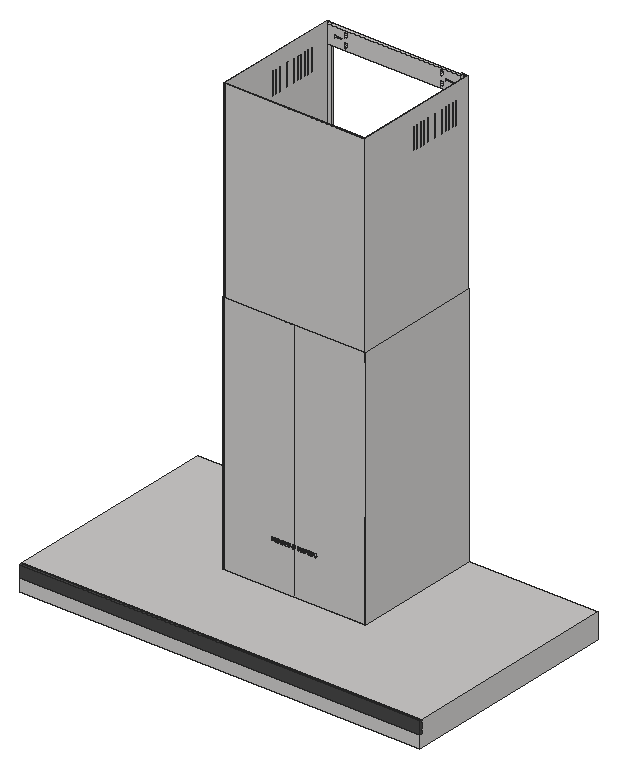
Revit family "FP_Revit_18_HC90DCXB1_Rangehood_90001851A", category Specialty Equipment, Revit 2018
Family settings
  Round Connector Dimension = Use Diameter
  Part Type = Normal
  OmniClass Number = 23.40.40.00
  OmniClass Title = Food Service Equipment and Furnishings
  Work Plane-Based = No
  Always vertical = Yes
  Cut with Voids When Loaded = Yes
  Shared = No
  Room Calculation Point = No
Parameters
  Visibility - Upper Chimney Extension [instance] = yes
  URL = "www.fisherpaykel.com"
  Product - Width = 899 mm  # constant formula
  Product - Height (595mm - 1035mm) [instance] = 1035 mm
  Product - Depth = 500 mm  # constant formula
  Model = "HC90DCXB1"
  Material - Display Panel = Fisher & Paykel - Black
  Material - Body = Fisher & Paykel - Stainless Steel
  Manufacturer = "Fisher & Paykel Appliances"
  FFL Offset [instance] = 1565 mm
  Description = "90cm Rangehood"
  Connector Description - Extraction = "150mm Semi Rigid Rangehood Ducting, 800m³/hr"
  Connector Description - Electrical = "220-240 V, 50 Hz, 370 W"
  Chassis - Width = 320 mm  # constant formula
  Chassis - Height = 604 mm  # constant formula
  Chassis - Depth = 291 mm  # constant formula
Reference planes
  plane 1 "Datum": y = 0
  plane 2: z = 0
  plane 3 "Center (Left/Right)": x = 0
  plane 4 "Product - Height": z = 2600
  plane 5 "Product LHS": x = -449.5
  plane 6 "Product RHS": x = 449.5
  plane 7 "Product - Depth": y = -500
  plane 8 "Cavity LHS": x = -160
  plane 9 "Cavity RHS": x = 160
  plane 10 "Chassis - Depth": y = -291
  plane 11 "FFL Offset": z = 1565
Forms (mm)
  Extrusion 1, solid, material "Fisher & Paykel - Stainless Steel" <- "Material - Body"
    sketch origin (0, 0, 0) x (1, 0, 0) y (0, 1, 0)
      loop
        line (-145, 0) -> (-160, 0) -> (-160, -291) -> (0, -291) -> (160, -291) -> (160, 0) -> (145, 0) -> (145, -1) -> (159, -1) -> (159, -290) -> (-159, -290) -> (-159, -1) -> (-145, -1) -> (-145, 0)
    from 1620 to 2169
  Extrusion 2, solid, material "Fisher & Paykel - Stainless Steel" <- "Material - Body", visible <- "Visibility - Upper Chimney Extension"
    sketch origin (0, 0, 0) x (1, 0, 0) y (0, 1, 0)
      loop
        line (-158, -3) -> (-145, -3) -> (-145, -2) -> (-159, -2) -> (-159, -290) -> (159, -290) -> (159, -2) -> (145, -2) -> (145, -3) -> (158, -3) -> (158, -289.044) -> (-158, -289.044) -> (-158, -3)
    from 2149 to 2600
  Extrusion 3, solid, material "Fisher & Paykel - Stainless Steel" <- "Material - Body"
    sketch origin (0, 0, 0) x (1, 0, 0) y (0, 1, 0)
      loop
        line (-449.5, 0) -> (-449.5, -500) -> (449.5, -500) -> (449.5, 0) -> (-449.5, 0)
    from 1565 to 1620
  Extrusion 4, void
    sketch origin (0, 0, 0) x (0, 1, 0) y (0, 0, 1)
      loop
        line (-500, 1620) -> (-500, 1592.5) -> (-495, 1592.5) -> (-495, 1620) -> (-500, 1620)
    from -449.5 to 449.5
  Extrusion 5, solid, material "Fisher & Paykel - Black" <- "Material - Display Panel", detail levels medium+fine
    sketch origin (0, 0, 1000) x (0, 1, 0) y (0, 0, 1)
      loop
        line (-495, 592.5) -> (-495, 620) -> (-500, 620) -> (-500, 592.5) -> (-495, 592.5)
    from -449.5 to 449.5
  Extrusion 6, solid, material "Fisher & Paykel - Stainless Steel" <- "Material - Body"
    sketch origin (0, 0, 0) x (1, 0, 0) y (0, 1, 0)
      loop
        line (159, -1) -> (-159, -1) -> (-159, -290) -> (159, -290) -> (159, -1)
    from 1620 to 1838
  Extrusion 7, solid, material "Fisher & Paykel - Stainless Steel" <- "Material - Body"
    sketch origin (0, 0, 0) x (1, 0, 0) y (0, 1, 0)
      loop
        circle (0, -105) r 75
      loop
        circle (0, -105) r 73
    from 1838 to 1970.269
  Extrusion 8, solid, material "Fisher & Paykel - Stainless Steel" <- "Material - Body"
    sketch origin (0, 0, 0) x (1, 0, 0) y (0, 0, 1)
      loop
        line (-145, 1860) -> (-145, 1838) -> (145, 1838) -> (145, 1860) -> (-145, 1860)
      loop
        line (-127.5, 1851) -> (-127.5, 1849.33)
        arc (-127.5, 1849.33) -> (-125, 1840) -> (-122.5, 1849.33) r 5
        line (-122.5, 1849.33) -> (-122.5, 1851)
        arc (-122.5, 1851) -> (-125, 1853.5) -> (-127.5, 1851) r 2.5
      loop
        line (122.5, 1851) -> (122.5, 1849.33)
        arc (122.5, 1849.33) -> (125, 1840) -> (127.5, 1849.33) r 5
        line (127.5, 1849.33) -> (127.5, 1851)
        arc (127.5, 1851) -> (125, 1853.5) -> (122.5, 1851) r 2.5
    from 0 to 2
  Extrusion 9, solid, material "Fisher & Paykel - Stainless Steel" <- "Material - Body", visible <- "Visibility - Upper Chimney Extension"
    sketch origin (0, 0, 0) x (1, 0, 0) y (0, 0, 1)
      loop
        line (-150, 2558.811) -> (150, 2558.811) -> (150, 2600) -> (-150, 2600) -> (-150, 2558.811)
      loop
        line (104, 2592.5) -> (104, 2588.5)
        arc (104, 2588.5) -> (108, 2584.5) -> (112, 2588.5) r 4
        line (112, 2588.5) -> (112, 2592.5)
        arc (112, 2592.5) -> (108, 2596.5) -> (104, 2592.5) r 4
      loop
        arc (112, 2571.5) -> (108, 2575.5) -> (104, 2571.5) r 4
        line (104, 2571.5) -> (104, 2566.794)
        arc (104, 2566.794) -> (108, 2563.544) -> (112, 2566.794) r 4.087
        line (112, 2566.794) -> (112, 2571.5)
      loop
        arc (117.5, 2582.5) -> (115, 2580) -> (117.5, 2577.5) r 2.5
        line (117.5, 2577.5) -> (132.5, 2577.5)
        arc (132.5, 2577.5) -> (135, 2580) -> (132.5, 2582.5) r 2.5
        line (132.5, 2582.5) -> (117.5, 2582.5)
      loop
        arc (-104, 2592.5) -> (-108, 2596.5) -> (-112, 2592.5) r 4
        line (-112, 2592.5) -> (-112, 2588.5)
        arc (-112, 2588.5) -> (-108, 2584.5) -> (-104, 2588.5) r 4
        line (-104, 2588.5) -> (-104, 2592.5)
      loop
        line (-112, 2571.5) -> (-112, 2566.794)
        arc (-112, 2566.794) -> (-108, 2563.544) -> (-104, 2566.794) r 4.087
        line (-104, 2566.794) -> (-104, 2571.5)
        arc (-104, 2571.5) -> (-108, 2575.5) -> (-112, 2571.5) r 4
      loop
        line (-117.5, 2582.5) -> (-132.5, 2582.5)
        arc (-132.5, 2582.5) -> (-135, 2580) -> (-132.5, 2577.5) r 2.5
        line (-132.5, 2577.5) -> (-117.5, 2577.5)
        arc (-117.5, 2577.5) -> (-115, 2580) -> (-117.5, 2582.5) r 2.5
    from 3 to 9
  Extrusion 10, void
    sketch origin (0, 0, 0) x (0, 1, 0) y (0, 0, 1)
      loop
        line (-157, 2564.417) -> (-157, 2514.417)
        arc (-157, 2514.417) -> (-154.5, 2511.917) -> (-152, 2514.417) r 2.5
        line (-152, 2514.417) -> (-152, 2564.417)
        arc (-152, 2564.417) -> (-154.5, 2566.917) -> (-157, 2564.417) r 2.5
      loop
        line (-147, 2564.417) -> (-147, 2514.417)
        arc (-147, 2514.417) -> (-144.5, 2511.917) -> (-142, 2514.417) r 2.5
        line (-142, 2514.417) -> (-142, 2564.417)
        arc (-142, 2564.417) -> (-144.5, 2566.917) -> (-147, 2564.417) r 2.5
      loop
        line (-137, 2564.417) -> (-137, 2514.417)
        arc (-137, 2514.417) -> (-134.5, 2511.917) -> (-132, 2514.417) r 2.5
        line (-132, 2514.417) -> (-132, 2564.417)
        arc (-132, 2564.417) -> (-134.5, 2566.917) -> (-137, 2564.417) r 2.5
      loop
        line (-127, 2564.417) -> (-127, 2514.417)
        arc (-127, 2514.417) -> (-124.5, 2511.917) -> (-122, 2514.417) r 2.5
        line (-122, 2514.417) -> (-122, 2564.417)
        arc (-122, 2564.417) -> (-124.5, 2566.917) -> (-127, 2564.417) r 2.5
      loop
        line (-117, 2564.417) -> (-117, 2514.417)
        arc (-117, 2514.417) -> (-114.5, 2511.917) -> (-112, 2514.417) r 2.5
        line (-112, 2514.417) -> (-112, 2564.417)
        arc (-112, 2564.417) -> (-114.5, 2566.917) -> (-117, 2564.417) r 2.5
      loop
        line (-107, 2564.417) -> (-107, 2514.417)
        arc (-107, 2514.417) -> (-104.5, 2511.917) -> (-102, 2514.417) r 2.5
        line (-102, 2514.417) -> (-102, 2564.417)
        arc (-102, 2564.417) -> (-104.5, 2566.917) -> (-107, 2564.417) r 2.5
      loop
        line (-97, 2564.417) -> (-97, 2514.417)
        arc (-97, 2514.417) -> (-94.5, 2511.917) -> (-92, 2514.417) r 2.5
        line (-92, 2514.417) -> (-92, 2564.417)
        arc (-92, 2564.417) -> (-94.5, 2566.917) -> (-97, 2564.417) r 2.5
      loop
        line (-87, 2564.417) -> (-87, 2514.417)
        arc (-87, 2514.417) -> (-84.5, 2511.917) -> (-82, 2514.417) r 2.5
        line (-82, 2514.417) -> (-82, 2564.417)
        arc (-82, 2564.417) -> (-84.5, 2566.917) -> (-87, 2564.417) r 2.5
      loop
        line (-77, 2564.417) -> (-77, 2514.417)
        arc (-77, 2514.417) -> (-74.5, 2511.917) -> (-72, 2514.417) r 2.5
        line (-72, 2514.417) -> (-72, 2564.417)
        arc (-72, 2564.417) -> (-74.5, 2566.917) -> (-77, 2564.417) r 2.5
      loop
        line (-67, 2564.417) -> (-67, 2514.417)
        arc (-67, 2514.417) -> (-64.5, 2511.917) -> (-62, 2514.417) r 2.5
        line (-62, 2514.417) -> (-62, 2564.417)
        arc (-62, 2564.417) -> (-64.5, 2566.917) -> (-67, 2564.417) r 2.5
      loop
        line (-57, 2564.417) -> (-57, 2514.417)
        arc (-57, 2514.417) -> (-54.5, 2511.917) -> (-52, 2514.417) r 2.5
        line (-52, 2514.417) -> (-52, 2564.417)
        arc (-52, 2564.417) -> (-54.5, 2566.917) -> (-57, 2564.417) r 2.5
      loop
        line (-47, 2564.417) -> (-47, 2514.417)
        arc (-47, 2514.417) -> (-44.5, 2511.917) -> (-42, 2514.417) r 2.5
        line (-42, 2514.417) -> (-42, 2564.417)
        arc (-42, 2564.417) -> (-44.5, 2566.917) -> (-47, 2564.417) r 2.5
      loop
        line (-37, 2564.417) -> (-37, 2514.417)
        arc (-37, 2514.417) -> (-34.5, 2511.917) -> (-32, 2514.417) r 2.5
        line (-32, 2514.417) -> (-32, 2564.417)
        arc (-32, 2564.417) -> (-34.5, 2566.917) -> (-37, 2564.417) r 2.5
    from -159 to 159
  Extrusion 11, solid, material "Fisher & Paykel - Stainless Steel" <- "Material - Body"
    sketch origin (0, 0, 0) x (1, 0, 0) y (0, 0, 1)
      loop
        line (145, 2141) -> (-145, 2141) -> (-145, 2101) -> (145, 2101) -> (145, 2141)
      loop
        line (125, 2123.5) -> (110, 2123.5)
        arc (110, 2123.5) -> (107.5, 2121) -> (110, 2118.5) r 2.5
        line (110, 2118.5) -> (125, 2118.5)
        arc (125, 2118.5) -> (127.5, 2121) -> (125, 2123.5) r 2.5
      loop
        line (-110, 2123.5) -> (-125, 2123.5)
        arc (-125, 2123.5) -> (-127.5, 2121) -> (-125, 2118.5) r 2.5
        line (-125, 2118.5) -> (-110, 2118.5)
        arc (-110, 2118.5) -> (-107.5, 2121) -> (-110, 2123.5) r 2.5
    from 2 to 9
  Extrusion 12, void
    sketch origin (0, 0, 0) x (1, 0, 0) y (0, 1, 0)
      loop
        line (-387, -400) -> (387, -400) -> (387, -83) -> (-387, -83) -> (-387, -400)
      loop
        circle (115, -45) r 25
      loop
        circle (-115, -45) r 25
    from 1565 to 1574
  Extrusion 13, solid, material "Fisher & Paykel - Stainless Steel" <- "Material - Body", detail levels fine
    sketch origin (0, 0, 0) x (1, 0, 0) y (0, 1, 0)
      loop
        line (387, -83) -> (129.5, -83) -> (129.5, -400) -> (387, -400) -> (387, -83)
      loop
        line (138, -391) -> (239.5, -391) -> (239.5, -347) -> (276.5, -347) -> (276.5, -391) -> (378, -391) -> (378, -92) -> (138, -92) -> (138, -391)
      loop
        line (268.5, -357.5) -> (247.5, -357.5) -> (247.5, -391) -> (268.5, -391) -> (268.5, -357.5)
      loop
        line (247.9, -364.5) -> (247.9, -390.562) -> (268.1, -390.562) -> (268.1, -364.5) -> (247.9, -364.5)
      loop
        line (-387, -83) -> (-387, -400) -> (-129.5, -400) -> (-129.5, -83) -> (-387, -83)
      loop
        line (-138, -391) -> (-138, -92) -> (-378, -92) -> (-378, -391) -> (-276.5, -391) -> (-276.5, -347) -> (-239.5, -347) -> (-239.5, -391) -> (-138, -391)
      loop
        line (-268.5, -357.5) -> (-268.5, -391) -> (-247.5, -391) -> (-247.5, -357.5) -> (-268.5, -357.5)
      loop
        line (-247.9, -364.5) -> (-268.1, -364.5) -> (-268.1, -390.562) -> (-247.9, -390.562) -> (-247.9, -364.5)
      loop
        line (128.75, -83) -> (-128.75, -83) -> (-128.75, -400) -> (128.75, -400) -> (128.75, -83)
      loop
        line (-120.25, -391) -> (-18.75, -391) -> (-18.75, -347) -> (18.25, -347) -> (18.25, -391) -> (119.75, -391) -> (119.75, -92) -> (-120.25, -92) -> (-120.25, -391)
      loop
        line (10.25, -357.5) -> (-10.75, -357.5) -> (-10.75, -391) -> (10.25, -391) -> (10.25, -357.5)
      loop
        line (-10.35, -364.5) -> (-10.35, -390.562) -> (9.85, -390.562) -> (9.85, -364.5) -> (-10.35, -364.5)
    from 1565 to 1574
  Extrusion 14, solid, material "Fisher & Paykel - Aluminium", detail levels medium+fine
    sketch origin (0, 0, 0) x (1, 0, 0) y (0, 1, 0)
      loop
        line (378, -92) -> (138, -92) -> (138, -391) -> (239.5, -391) -> (239.5, -347) -> (276.5, -347) -> (276.5, -391) -> (378, -391) -> (378, -92)
      loop
        line (-378, -92) -> (-378, -391) -> (-276.5, -391) -> (-276.5, -347) -> (-239.5, -347) -> (-239.5, -391) -> (-138, -391) -> (-138, -92) -> (-378, -92)
      loop
        line (-120.25, -92) -> (-120.25, -391) -> (-18.75, -391) -> (-18.75, -347) -> (18.25, -347) -> (18.25, -391) -> (119.75, -391) -> (119.75, -92) -> (-120.25, -92)
    from 1565 to 1572
  Extrusion 15, solid, material "Fisher & Paykel - Bezel White", detail levels fine
    sketch origin (0, 0, 0) x (1, 0, 0) y (0, 1, 0)
      loop
        circle (115, -45) r 22
      loop
        circle (-115, -45) r 22
    from 1565 to 1572
  Extrusion 16, solid, material "Fisher & Paykel - Stainless Steel" <- "Material - Body", detail levels fine
    sketch origin (0, 0, 0) x (1, 0, 0) y (0, 1, 0)
      loop
        circle (115, -45) r 22
      loop
        circle (115, -45) r 25
      loop
        circle (-115, -45) r 22
      loop
        circle (-115, -45) r 25
    from 1566 to 1574
  Extrusion 17, solid, material "Fisher & Paykel - Stainless Steel" <- "Material - Body", detail levels medium+fine
    sketch origin (0, 0, 0) x (1, 0, 0) y (0, 1, 0)
      loop
        circle (101, -15) r 4
    from 1838 to 1970.269
Cuts and joins
  Extrusion 4, Extrusion 12 cuts Extrusion 3
  Extrusion 10 cuts Extrusion 2
Text (mm)
  text "Due to ongoing product development, product details are subject to change without notice. \nPlease always refer to www.fisherpaykel.com for the most current product information. \n© Fisher & Paykel 2020" at (41.04, -1225.549, 0), in view "Ref. Level (Plan)"
Dimensions and locks
  equal spacing: plane 5 "Product LHS", plane 3 "Center (Left/Right)", plane 6 "Product RHS"
  "Product - Width": plane 5 "Product LHS" to plane 6 "Product RHS"
  equal spacing: plane 8 "Cavity LHS", plane 3 "Center (Left/Right)", plane 9 "Cavity RHS"
  "Chassis - Width": plane 8 "Cavity LHS" to plane 9 "Cavity RHS"
  locked: Extrusion 1 sketch curve to Extrusion 1 sketch curve at 1  (x3)
  locked: Extrusion 2 to Extrusion 2 at 451
  "Product - Depth": plane 7 "Product - Depth" to plane 1 "Datum"
  "FFL Offset": plane 11 "FFL Offset" to level
  Extrusion 9 sketch curve to plane 4 "Product - Height" = 41.189 mm
  Extrusion 9 sketch curve to plane 4 "Product - Height" = 17.5 mm
  "Chassis - Height": Extrusion 1 to plane 11 "FFL Offset"
  plane 11 "FFL Offset" to Extrusion 8 sketch curve = 295 mm
  locked: Extrusion 7 to plane 11 "FFL Offset" at 405.269
  locked: cut or joined group of Extrusion 3, Extrusion 4, Extrusion 12 to plane 11 "FFL Offset" at 9
  locked: Extrusion 14 to plane 11 "FFL Offset" at 7
  locked: Extrusion 5 to plane 11 "FFL Offset" at 27.5
  locked: plane 11 "FFL Offset" to nested 1 at 153
  "Product - Height (595mm - 1035mm)": plane 4 "Product - Height" to plane 11 "FFL Offset"
  locked: cut or joined group of Extrusion 3, Extrusion 4, Extrusion 12 to Extrusion 16 at 1
  locked: Extrusion 6 to plane 11 "FFL Offset" at 273
  "Chassis - Depth": plane 1 "Datum" to plane 10 "Chassis - Depth"
  locked: cut or joined group of Extrusion 3, Extrusion 4, Extrusion 12 to plane 11 "FFL Offset" at 55
  locked: Extrusion 9 to plane 4 "Product - Height" at 41.189
  locked: plane 11 "FFL Offset" to Extrusion 11 at 536
  locked: plane 11 "FFL Offset" to Extrusion 11 at 576
  aligned and locked: level to plane 2
  aligned and locked: Extrusion 1 sketch curve to plane 8 "Cavity LHS"
  aligned and locked: plane 9 "Cavity RHS" to Extrusion 1 sketch curve
  aligned and locked: plane 1 "Datum" to Extrusion 1 sketch curve  (x2)
  aligned and locked: plane 10 "Chassis - Depth" to Extrusion 1 sketch curve
  aligned and locked: plane 6 "Product RHS" to Extrusion 3 sketch curve
  aligned and locked: plane 1 "Datum" to Extrusion 3 sketch curve
  aligned and locked: Extrusion 3 sketch curve to plane 5 "Product LHS"
  aligned and locked: plane 7 "Product - Depth" to Extrusion 3 sketch curve
  aligned and locked: plane 7 "Product - Depth" to Extrusion 4 sketch curve
  aligned and locked: Extrusion 4 sketch curve to cut or joined group of Extrusion 3, Extrusion 4, Extrusion 12
  aligned and locked: Extrusion 4 to plane 6 "Product RHS"
  aligned and locked: plane 5 "Product LHS" to Extrusion 4
  aligned and locked: cut or joined group of Extrusion 3, Extrusion 4, Extrusion 12 to Extrusion 5
  aligned and locked: Extrusion 5 to cut or joined group of Extrusion 3, Extrusion 4, Extrusion 12
  aligned and locked: Extrusion 1 to Extrusion 6
  aligned and locked: Extrusion 7 to Extrusion 6
  aligned and locked: plane 4 "Product - Height" to Extrusion 2
  aligned and locked: Extrusion 10 to Extrusion 1  (x2)
  aligned and locked: plane 4 "Product - Height" to Extrusion 9
  aligned and locked: Extrusion 9 sketch curve to Extrusion 9 sketch curve
  aligned and locked: Extrusion 3 to plane 11 "FFL Offset"
  aligned and locked: Extrusion 6 to cut or joined group of Extrusion 3, Extrusion 4, Extrusion 12
  aligned and locked: Extrusion 3 to Extrusion 12
  aligned and locked: cut or joined group of Extrusion 3, Extrusion 4, Extrusion 12 to Extrusion 13  (x2)
  aligned and locked: cut or joined group of Extrusion 3, Extrusion 4, Extrusion 12 to Extrusion 14
  aligned and locked: Extrusion 15 to Extrusion 14
  aligned and locked: cut or joined group of Extrusion 3, Extrusion 4, Extrusion 12 to Extrusion 15
  aligned and locked: Extrusion 4 to Extrusion 5
  aligned and locked: Extrusion 1 to Extrusion 5
  aligned and locked: Extrusion 16 to cut or joined group of Extrusion 3, Extrusion 4, Extrusion 12
  aligned and locked: Extrusion 17 to Extrusion 6
  aligned and locked: Extrusion 17 to Extrusion 7
  aligned and locked: cut or joined group of Extrusion 2, Extrusion 10 to Extrusion 9
Automatic sketch dimensions
  Extrusion 1 sketch curve to plane 3 "Center (Left/Right)" = 0 mm
  plane 1 "Datum" to Extrusion 1 sketch curve = 1 mm  (x2)
  Extrusion 1 sketch curve to Extrusion 1 sketch curve = 14 mm
  plane 9 "Cavity RHS" to Extrusion 1 sketch curve = 15 mm
  plane 7 "Product - Depth" to Extrusion 4 sketch curve = 5 mm
  level to Extrusion 4 sketch curve = 1592.5 mm
  Extrusion 5 sketch curve to Extrusion 5 sketch curve = 27.5 mm
  Extrusion 6 sketch curve to plane 8 "Cavity LHS" = 1 mm
  plane 9 "Cavity RHS" to Extrusion 6 sketch curve = 1 mm
  plane 10 "Chassis - Depth" to Extrusion 6 sketch curve = 1 mm
  plane 1 "Datum" to Extrusion 6 sketch curve = 1 mm
  Extrusion 2 sketch curve to plane 8 "Cavity LHS" = 1 mm
  Extrusion 2 sketch curve to Extrusion 2 sketch curve = 1 mm  (x3)
  plane 1 "Datum" to Extrusion 2 sketch curve = 3 mm  (x2)
  Extrusion 2 sketch curve to Extrusion 2 sketch curve = 13 mm
  plane 9 "Cavity RHS" to Extrusion 2 sketch curve = 15 mm
  plane 9 "Cavity RHS" to Extrusion 2 sketch curve = 2 mm
  plane 9 "Cavity RHS" to Extrusion 2 sketch curve = 1 mm
  plane 10 "Chassis - Depth" to Extrusion 2 sketch curve = 1.956 mm
  plane 10 "Chassis - Depth" to Extrusion 2 sketch curve = 1 mm
  Extrusion 10 sketch curve to plane 4 "Product - Height" = 85.583 mm  (x2)
  plane 1 "Datum" to Extrusion 10 sketch curve = 157 mm
  Extrusion 10 sketch curve to Extrusion 10 sketch curve = 2.5 mm  (x13)
  Extrusion 10 sketch curve to Extrusion 10 sketch curve = 5 mm  (x12)
  Extrusion 10 sketch curve to Extrusion 10 sketch curve = 0 mm  (x23)
  Extrusion 10 sketch curve to plane 4 "Product - Height" = 35.583 mm
  Extrusion 11 sketch curve to plane 5 "Product LHS" = 304.5 mm
  Extrusion 11 sketch curve to Extrusion 11 sketch curve = 20 mm  (x2)
  Extrusion 11 sketch curve to Extrusion 11 sketch curve = 15 mm  (x2)
  Extrusion 11 sketch curve to plane 8 "Cavity LHS" = 270 mm
  Extrusion 11 sketch curve to Extrusion 11 sketch curve = 17.5 mm  (x3)
  Extrusion 11 sketch curve to Extrusion 11 sketch curve = 2.5 mm  (x2)
  Extrusion 5 sketch curve to Extrusion 5 sketch curve = 5 mm
  Extrusion 5 sketch curve to plane 7 "Product - Depth" = 0 mm
  plane 11 "FFL Offset" to Extrusion 5 sketch curve = 27.5 mm
  Extrusion 15 sketch curve to plane 8 "Cavity LHS" = 45 mm
  plane 9 "Cavity RHS" to Extrusion 15 sketch curve = 45 mm
  plane 1 "Datum" to Extrusion 15 sketch curve = 45 mm  (x2)
  Extrusion 12 sketch curve to plane 5 "Product LHS" = 62.5 mm
  Extrusion 12 sketch curve to plane 8 "Cavity LHS" = 45 mm
  plane 9 "Cavity RHS" to Extrusion 12 sketch curve = 45 mm
  plane 6 "Product RHS" to Extrusion 12 sketch curve = 62.5 mm
  plane 7 "Product - Depth" to Extrusion 12 sketch curve = 100 mm
  plane 1 "Datum" to Extrusion 12 sketch curve = 83 mm
  plane 1 "Datum" to Extrusion 12 sketch curve = 45 mm  (x2)
  Extrusion 16 sketch curve to Extrusion 16 sketch curve = 0 mm  (x4)
  Extrusion 16 sketch curve to plane 8 "Cavity LHS" = 45 mm
  plane 9 "Cavity RHS" to Extrusion 16 sketch curve = 45 mm
  plane 1 "Datum" to Extrusion 16 sketch curve = 45 mm  (x2)
  Extrusion 13 sketch curve to plane 5 "Product LHS" = 62.5 mm
  Extrusion 13 sketch curve to Extrusion 13 sketch curve = 9 mm  (x9)
  Extrusion 13 sketch curve to Extrusion 13 sketch curve = 101.5 mm
  Extrusion 13 sketch curve to Extrusion 13 sketch curve = 8 mm  (x6)
  Extrusion 13 sketch curve to Extrusion 13 sketch curve = 0.4 mm  (x6)
  Extrusion 13 sketch curve to Extrusion 13 sketch curve = 20.2 mm  (x2)
  Extrusion 13 sketch curve to plane 8 "Cavity LHS" = 22 mm
  Extrusion 13 sketch curve to Extrusion 13 sketch curve = 8.5 mm  (x3)
  Extrusion 13 sketch curve to Extrusion 13 sketch curve = 0.75 mm  (x2)
  Extrusion 13 sketch curve to plane 3 "Center (Left/Right)" = 18.75 mm
  plane 3 "Center (Left/Right)" to Extrusion 13 sketch curve = 9.85 mm
  plane 9 "Cavity RHS" to Extrusion 13 sketch curve = 40.25 mm
  Extrusion 13 sketch curve to plane 9 "Cavity RHS" = 79.5 mm
  plane 6 "Product RHS" to Extrusion 13 sketch curve = 71.5 mm
  plane 7 "Product - Depth" to Extrusion 13 sketch curve = 100 mm  (x2)
  Extrusion 13 sketch curve to Extrusion 13 sketch curve = 0 mm  (x8)
  Extrusion 13 sketch curve to Extrusion 13 sketch curve = 0.438 mm  (x3)
  Extrusion 13 sketch curve to Extrusion 13 sketch curve = 26.062 mm  (x3)
  Extrusion 13 sketch curve to Extrusion 13 sketch curve = 7 mm  (x3)
  Extrusion 13 sketch curve to Extrusion 13 sketch curve = 10.5 mm  (x3)
  plane 1 "Datum" to Extrusion 13 sketch curve = 92 mm  (x2)
  Extrusion 14 sketch curve to plane 5 "Product LHS" = 71.5 mm
  Extrusion 14 sketch curve to Extrusion 14 sketch curve = 101.5 mm
  Extrusion 14 sketch curve to Extrusion 14 sketch curve = 37 mm  (x2)
  Extrusion 14 sketch curve to plane 8 "Cavity LHS" = 22 mm
  Extrusion 14 sketch curve to Extrusion 14 sketch curve = 17.75 mm
  Extrusion 14 sketch curve to plane 3 "Center (Left/Right)" = 18.75 mm
  plane 3 "Center (Left/Right)" to Extrusion 14 sketch curve = 18.25 mm
  plane 9 "Cavity RHS" to Extrusion 14 sketch curve = 40.25 mm
  Extrusion 14 sketch curve to Extrusion 14 sketch curve = 18.25 mm
  Extrusion 14 sketch curve to plane 9 "Cavity RHS" = 79.5 mm
  plane 6 "Product RHS" to Extrusion 14 sketch curve = 71.5 mm
  Extrusion 14 sketch curve to plane 10 "Chassis - Depth" = 100 mm  (x4)
  Extrusion 14 sketch curve to Extrusion 14 sketch curve = 0 mm  (x3)
  Extrusion 14 sketch curve to Extrusion 14 sketch curve = 44 mm  (x3)
  plane 1 "Datum" to Extrusion 14 sketch curve = 92 mm  (x2)
  Extrusion 7 sketch curve to Extrusion 7 sketch curve = 0 mm  (x2)
  Extrusion 7 sketch curve to plane 3 "Center (Left/Right)" = 0 mm
  plane 1 "Datum" to Extrusion 7 sketch curve = 105 mm
  Extrusion 8 sketch curve to plane 8 "Cavity LHS" = 15 mm
  Extrusion 8 sketch curve to Extrusion 8 sketch curve = 17.5 mm
  Extrusion 8 sketch curve to Extrusion 8 sketch curve = 2.5 mm  (x4)
  plane 9 "Cavity RHS" to Extrusion 8 sketch curve = 37.5 mm
  plane 9 "Cavity RHS" to Extrusion 8 sketch curve = 15 mm
  Extrusion 8 sketch curve to Extrusion 8 sketch curve = 9 mm  (x2)
  Extrusion 8 sketch curve to Extrusion 8 sketch curve = 1.67 mm  (x2)
  Extrusion 8 sketch curve to Extrusion 8 sketch curve = 4.33 mm  (x2)
  Extrusion 8 sketch curve to Extrusion 8 sketch curve = 11.33 mm
  plane 1 "Datum" to Extrusion 17 sketch curve = 15 mm
  plane 9 "Cavity RHS" to Extrusion 17 sketch curve = 59 mm
  Extrusion 9 sketch curve to plane 4 "Product - Height" = 0 mm
  Extrusion 9 sketch curve to plane 8 "Cavity LHS" = 10 mm
  Extrusion 9 sketch curve to Extrusion 9 sketch curve = 17.5 mm
  Extrusion 9 sketch curve to Extrusion 9 sketch curve = 15 mm  (x2)
  Extrusion 9 sketch curve to Extrusion 9 sketch curve = 5.5 mm  (x3)
  Extrusion 9 sketch curve to Extrusion 9 sketch curve = 4 mm  (x6)
  Extrusion 9 sketch curve to Extrusion 9 sketch curve = 0 mm  (x3)
  Extrusion 9 sketch curve to plane 4 "Product - Height" = 11.5 mm
  plane 9 "Cavity RHS" to Extrusion 9 sketch curve = 56 mm
  plane 9 "Cavity RHS" to Extrusion 9 sketch curve = 10 mm
  Extrusion 9 sketch curve to Extrusion 9 sketch curve = 21.706 mm
  Extrusion 9 sketch curve to Extrusion 9 sketch curve = 15.706 mm
  Extrusion 9 sketch curve to Extrusion 9 sketch curve = 0.837 mm  (x2)
  Extrusion 9 sketch curve to Extrusion 9 sketch curve = 3.87 mm
  Extrusion 9 sketch curve to Extrusion 9 sketch curve = 4.706 mm
  Extrusion 9 sketch curve to Extrusion 9 sketch curve = 5 mm
  Extrusion 9 sketch curve to Extrusion 9 sketch curve = 2.5 mm
  Extrusion 9 sketch curve to Extrusion 9 sketch curve = 6 mm
  Extrusion 11 sketch curve to plane 4 "Product - Height" = 499 mm
  radius of Extrusion 15 sketch curve = 22 mm  (x2)
  radius of Extrusion 12 sketch curve = 25 mm  (x2)
  radius of Extrusion 16 sketch curve = 22 mm  (x2)
  radius of Extrusion 16 sketch curve = 25 mm  (x2)
  radius of Extrusion 7 sketch curve = 73 mm
  radius of Extrusion 7 sketch curve = 75 mm
  radius of Extrusion 17 sketch curve = 4 mm
Nested families
  nested 1: "F&P Logo 100mm" at (0.236, -291, 1718.109), type "Grey"
Connectors
  hvac at (0, -105, 1970.269), driven by "Connector Description - Extraction"
    settings: on Extrusion 7, index 1, duct flow 0.0 L/s, flow factor 0, pres drop 0.0 Pa, loss coef 0, conn angle 0.00°, conn width 304.8 mm, conn height 304.8 mm, conn diameter 150 mm, duct sys type 3, conn prof type 0, flow config 0, flow direction 2, loss method 0, conn ref index -1, conn util no, is conn primary yes, conn desc "150mm Semi Rigid Rangehood Ducting, 800m³/hr"
  electrical at (101, -15, 1970.269), driven by "Connector Description - Electrical"
    settings: on Extrusion 17, index 2, voltage 230 V, apparent load 0 VA, apparent load phase1 0 VA, apparent load phase2 0 VA, apparent load phase3 0 VA, power factor 1, load classification "Other", number of poles 1, system type 30, power factor state 1, is connector primary yes, connector utility no, sub classification motor no, connector description "220-240 V, 50 Hz, 370 W"
Definition of nested family "F&P Logo 100mm"
  Parameters (values of type "Chrome")
    URL = "www.fisherpaykel.com"
    Material - Logo = none
    Manufacturer = "Fisher & Paykel Appliances"
  Types (3): name
    (no name)
    Chrome
    Grey
  Reference planes
    plane 1 "Center (Front/Back)": y = 0
    plane 2: z = 0
    plane 3 "Center (Left/Right)": x = 0
  Forms (mm)
    Extrusion 1, solid, material <- "Material - Logo", detail levels fine
      sketch origin (0, 0, 0) x (1, 0, 0) y (0, 0, 1)
        loop
          line (-50.044, 0) -> (-48.47, 0) -> (-48.47, 2.138) -> (-46.011, 2.138) -> (-46.011, 3.472) -> (-48.47, 3.472) -> (-48.47, 4.712) -> (-45.795, 4.712) -> (-45.795, 6.04) -> (-50.044, 6.04) -> (-50.044, 0)
        loop
          line (-42.804, 6.04) -> (-42.804, 0) -> (-41.23, 0) -> (-41.23, 6.04) -> (-42.804, 6.04)
        loop
          line (-30.724, 6.04) -> (-30.724, 0) -> (-29.151, 0) -> (-29.151, 2.42) -> (-26.839, 2.42) -> (-26.839, 0) -> (-25.265, 0) -> (-25.265, 6.04) -> (-26.839, 6.04) -> (-26.839, 3.748) -> (-29.151, 3.748) -> (-29.151, 6.04) -> (-30.724, 6.04)
        loop
          line (-21.906, 6.04) -> (-21.906, 0) -> (-17.602, 0) -> (-17.602, 1.328) -> (-20.347, 1.328) -> (-20.347, 2.42) -> (-17.838, 2.42) -> (-17.838, 3.748) -> (-20.347, 3.748) -> (-20.347, 4.712) -> (-17.602, 4.712) -> (-17.602, 6.04) -> (-21.906, 6.04)
        loop
          line (45.667, 6.04) -> (45.667, 0) -> (49.956, 0) -> (49.956, 1.328) -> (47.241, 1.328) -> (47.241, 6.04) -> (45.667, 6.04)
        loop
          line (42.431, 6.04) -> (38.112, 6.04) -> (38.112, 0) -> (42.431, 0) -> (42.431, 1.328) -> (39.687, 1.328) -> (39.687, 2.42) -> (42.195, 2.42) -> (42.195, 3.748) -> (39.687, 3.748) -> (39.687, 4.712) -> (42.431, 4.712) -> (42.431, 6.04)
        loop
          line (33.451, 3.148) -> (35.683, 6.04) -> (33.844, 6.04) -> (31.915, 3.542) -> (31.915, 6.04) -> (30.342, 6.04) -> (30.342, 0) -> (31.915, 0) -> (31.915, 2.705) -> (33.903, 0) -> (35.763, 0) -> (33.451, 3.148)
        loop
          line (21.98, 6.04) -> (24.262, 2.42) -> (24.262, 0) -> (25.837, 0) -> (25.837, 2.341) -> (28.119, 6.04) -> (26.446, 6.04) -> (25.099, 3.707) -> (23.753, 6.04) -> (21.98, 6.04)
        loop
          line (18.479, 6.04) -> (16.983, 6.04) -> (14.524, 0) -> (16.069, 0) -> (16.501, 1.112) -> (18.921, 1.112) -> (19.354, 0) -> (20.938, 0) -> (18.479, 6.04)
        loop
          line (18.4, 2.439) -> (17.693, 4.174) -> (17.018, 2.439) -> (18.4, 2.439)
        loop
          line (8.031, 6.04) -> (8.031, 0) -> (9.605, 0) -> (9.605, 1.938) -> (10.599, 1.938)
          arc (10.599, 1.938) -> (12.65, 3.989) -> (10.599, 6.04) r 2.051
          line (10.599, 6.04) -> (8.031, 6.04)
        loop
          line (9.605, 4.712) -> (9.605, 3.197) -> (10.501, 3.197)
          arc (10.501, 3.197) -> (11.259, 3.954) -> (10.501, 4.712) r 0.757
          line (10.501, 4.712) -> (9.605, 4.712)
        loop
          line (-11.783, 6.04) -> (-14.366, 6.04) -> (-14.366, 0) -> (-12.792, 0) -> (-12.792, 1.336) -> (-11.992, 1.336) -> (-10.972, 0) -> (-9.153, 0) -> (-10.694, 1.973)
          arc (-10.694, 1.973) -> (-9.678, 4.424) -> (-11.783, 6.04) r 2.179
        loop
          line (-11.897, 4.712) -> (-12.792, 4.712) -> (-12.792, 3.053) -> (-11.897, 3.053)
          arc (-11.897, 3.053) -> (-11.068, 3.882) -> (-11.897, 4.712) r 0.83
        loop
          line (0.477, 4.712) -> (0.477, 6.153) -> (-3.575, 6.153) -> (-3.575, 4.851) -> (-2.974, 4.112)
          arc (-2.974, 4.112) -> (-3.51, 0.684) -> (-0.045, 0.512) r 2.334
          line (-0.045, 0.512) -> (0.46, -0.109) -> (2.246, -0.109) -> (0.86, 1.594) -> (2.061, 3.324) -> (0.443, 3.324) -> (-0.013, 2.667) -> (-1.677, 4.712) -> (0.477, 4.712)
        loop
          arc (-2.125, 3.068) -> (-2.269, 1.668) -> (-0.868, 1.524) r 0.996
          line (-0.868, 1.524) -> (-2.125, 3.068)
        loop
          line (-35.18, 3.634) -> (-36.516, 3.91)
          arc (-36.516, 3.91) -> (-37.049, 4.443) -> (-36.516, 4.976) r 0.533
          arc (-36.516, 4.976) -> (-35.235, 4.79) -> (-34.059, 4.248) r 4.505
          line (-34.059, 4.248) -> (-34.059, 5.743)
          arc (-34.059, 5.743) -> (-35.549, 6.179) -> (-37.1, 6.109) r 4.726
          arc (-37.1, 6.109) -> (-38.536, 4.335) -> (-37.1, 2.561) r 1.814
          line (-37.1, 2.561) -> (-35.754, 2.282)
          arc (-35.754, 2.282) -> (-35.221, 1.749) -> (-35.754, 1.216) r 0.533
          arc (-35.754, 1.216) -> (-37.035, 1.402) -> (-38.211, 1.945) r 4.505
          line (-38.211, 1.945) -> (-38.211, 0.449)
          arc (-38.211, 0.449) -> (-36.72, 0.013) -> (-35.169, 0.083) r 4.726
          arc (-35.169, 0.083) -> (-33.734, 1.863) -> (-35.18, 3.634) r 1.814
      from 0 to 0.8
  Dimensions and locks
    aligned and locked: level to plane 2
